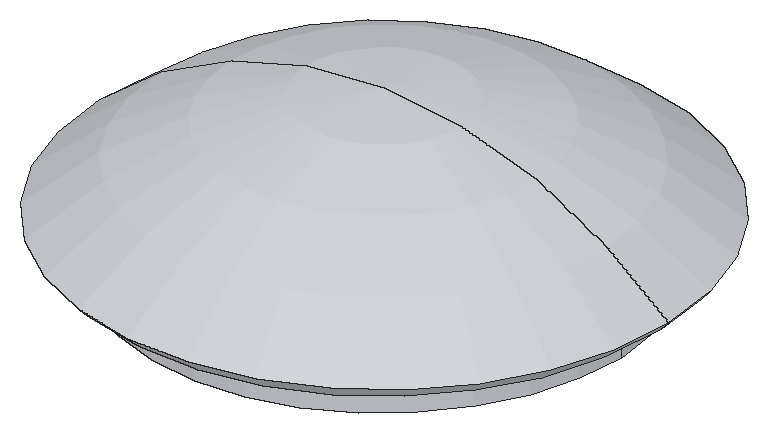
Revit family "0043428", category Lighting Fixtures, host Face, Revit 2017
Family settings
  Host = Face
  Round Connector Dimension = Use Diameter
  Part Type = Normal
  OmniClass Number = 23.80.70.00
  OmniClass Title = Lighting
  Cut with Voids When Loaded = No
  Light Source = Yes
  Shared = No
  Room Calculation Point = No
Parameters (values of type "0043428_3000K START eco Surface IP44 2050LM 830/840 DT")
  YIN_SENSOR_SYL = no
  YIN_360_SYL = yes
  YIN_330_SYL = no
  YIN_250_SYL = no
  YIN_180_SYL = no
  Weight = "3.12 kg"
  Wattage Comments = ""
  Wattage = 24 W
  WarrantyStartDate [instance] = "n/a"
  WarrantyGuarantorParts = "n/a"
  WarrantyDurationUnit = "n/a"
  WarrantyDurationParts = "n/a"
  WarrantyDescription = "n/a"
  built-in parameter 1150110 = 1 (stored number, unit not read)
  Voltage = 0 V
  URL = "http://www.sylvania-lighting.com"
  TypeName = "Start eco Surface IP44 2050lm 830/840 DualTone"
  Type Image = <None>
  Type Comments = "n/a"
  built-in parameter 1114217 = 1 (stored number, unit not read)
  Tilt Angle = -90.00°
  built-in parameter 1150109 = 1 (stored number, unit not read)
  built-in parameter 1150134 = (empty or 0)
  built-in parameter 1150113 = 1 (stored number, unit not read)
  SerialNumber [instance] = "n/a"
  SENSOR_SYL = 12 mm
  Photometric Web File = "0043428_3000K.ies"
  Material_3_SYL = none
  PowerFactor = 0
  PowerConsumption = "n/a"
  NominalLength = 360 mm
  NominalHeight = 100 mm
  NominalDepth = 360 mm
  Name = "Start eco Surface IP44 2050lm 830/840 DualTone"
  ModelReference = Name  # "Start eco Surface IP44 2050lm 830/840 DualTone"
  ModelNumber = "0043428"
  Model = Name  # "Start eco Surface IP44 2050lm 830/840 DualTone"
  Material = "steel housing, other diffuser"
  ManufacturerName = "Feilo Sylvania"
  Manufacturer = "Feilo Sylvania"
  LuminousEfficacy = "n/a"
  built-in parameter 1150105 = (empty or 0)
  Lumens = 0 lm
  LuminaireType = ""
  built-in parameter 1150115 = 1 (stored number, unit not read)
  LightOutputRatio = "n/a"
  built-in parameter 1150137 = (empty or 0)
  built-in parameter 1150139 = (empty or 0)
  LampsType = Lamp  # "LED"
  LampNominalLuminous = "2050 lm"
  LampMacAdamStep = "6"
  LampColourTemperature = "3000 K"
  LampColourRenderingIndex = "80"
  built-in parameter 1150112 = 1 (stored number, unit not read)
  built-in parameter 1150114 = 1 (stored number, unit not read)
  Lamp = "LED"
  LUM_R_SYL = if(YIN_180_SYL, 90 mm, if(YIN_250_SYL, 125 mm, if(YIN_330_SYL, 165 mm, if(YIN_360_SYL, 180 mm, 180 mm))))  # 180 mm
  LUM_R_HEIGHT_SYL = LUM_H_SYL - 30 mm  # 70 mm
  LUM_H_SYL = if(YIN_180_SYL, 75 mm, if(YIN_250_SYL, 80 mm, if(YIN_330_SYL, 96 mm, if(YIN_360_SYL, 100 mm, 100 mm))))  # 100 mm
  Keynote = "16500"
  InstallationDate [instance] = "n/a"
  InputVoltage = "n/a"
  InputNominalFrequency = "n/a"
  built-in parameter 1150132 = (empty or 0)
  built-in parameter 1150102 = (empty or 0)
  built-in parameter 1150107 = 3000 (stored number, unit not read)
  built-in parameter 1150138 = (empty or 0)
  IngressProtection = "IP44"
  ImpactProtectionIndex = "IK03"
  built-in parameter 1150106 = 1.0982 (stored number, unit not read)
  IfcExportType = "IfcLightFixtureType"
  IfcExportAs = "IfcLightFixtureType"
  Emit from Circle Diameter = 609.6 mm
  Emit Shape Visible in Rendering = no
  ElectricShockClassification = "Class I"
  built-in parameter 1150104 = (empty or 0)
  DocumentationLiterature = "http://www.sylvania-lighting.com/product/en-int/products/0043428"
  DimmingControlOptions = "n/a"
  Material_2_SYL = none
  Dimming Lamp Color Temperature Shift = <None>
  Description = ""
  Default Elevation = 1219.2 mm
  CreatedOn = "8/18/2020"
  CreatedBy = "@sylvania-lighting.com"
  Cost = 0
  Color Filter = 16777215
  built-in parameter 1114216 [instance] = (empty or 0)
  ClassificationValue = "EF_70_80"
  ClassificationName = "Uniclass2015"
  Material_1_SYL = none
  BarCode [instance] = "n/a"
  built-in parameter 1114218 = 1 (stored number, unit not read)
  BOTTOM_R_SYL = if(YIN_180_SYL, 76 mm, if(YIN_250_SYL, 110 mm, if(YIN_330_SYL, 150 mm, if(YIN_360_SYL, 150 mm, 150 mm))))  # 150 mm
  BOTTOM_HEIGHT_SYL = LUM_H_SYL - 15 mm  # 85 mm
  built-in parameter 1150133 = 10 (stored number, unit not read)
  AssetType = "Fixed"
  AssetIdentifier [instance] = "n/a"
  Assembly Code = "D5020200"
  Apparent Load = 0 VA
  Material_4_SYL = none
Types (16, lengths in mm): name | YIN_360_SYL | YIN_330_SYL | YIN_250_SYL | YIN_180_SYL | Weight | Wattage | TypeName | built-in parameter 1150134 | Photometric Web File | PowerFactor | PowerConsumption | NominalLength | NominalHeight | NominalDepth | Name | ModelReference | ModelNumber | Model | LuminousEfficacy | built-in parameter 1150105 | Lumens | LampNominalLuminous | LampColourTemperature | LUM_R_SYL | LUM_R_HEIGHT_SYL | LUM_H_SYL | built-in parameter 1150107 | built-in parameter 1150106 | built-in parameter 1150104 | DocumentationLiterature | BOTTOM_R_SYL | BOTTOM_HEIGHT_SYL | Apparent Load
  0043436_3000K START eco Surface IP44 2050LM MW 830/840 DT | yes | no | no | no | "3.42 kg" | 24 W | "Start eco Surface IP44 2050lm MW 830/840 DualTone" | (empty or 0) | "0043436_3000K.ies" | 0 | "n/a" | 360 | 100 | 360 | "Start eco Surface IP44 2050lm MW 830/840 DualTone" | "Start eco Surface IP44 2050lm MW 830/840 DualTone" | "0043436" | "Start eco Surface IP44 2050lm MW 830/840 DualTone" | "n/a" | (empty or 0) | 0 lm | "2050 lm" | "3000 K" | 180 | 70 | 100 | 3000 (stored number, unit not read) | 1.0982 (stored number, unit not read) | (empty or 0) | "http://www.sylvania-lighting.com/product/en-int/products/0043436" | 150 | 85 | 0 VA
  0043435_4000K START eco Surface IP44 1550LM MW 830/840 DT | no | yes | no | no | "3.42 kg" | 18 W | "Start eco Surface IP44 1550lm MW 830/840 DualTone" | 12 | "0043435_4000K.ies" | 0 | "n/a" | 330 | 96 | 330 | "Start eco Surface IP44 1550lm MW 830/840 DualTone" | "Start eco Surface IP44 1550lm MW 830/840 DualTone" | "0043435" | "Start eco Surface IP44 1550lm MW 830/840 DualTone" | "n/a" | (empty or 0) | 0 lm | "1550 lm" | "4000 K" | 165 | 66 | 96 | 4000 (stored number, unit not read) | 1.0982 (stored number, unit not read) | (empty or 0) | "http://www.sylvania-lighting.com/product/en-int/products/0043435" | 150 | 81 | 0 VA
  0043435_3000K START eco Surface IP44 1550LM MW 830/840 DT | no | yes | no | no | "3.42 kg" | 18 W | "Start eco Surface IP44 1550lm MW 830/840 DualTone" | (empty or 0) | "0043435_3000K.ies" | 0 | "n/a" | 330 | 96 | 330 | "Start eco Surface IP44 1550lm MW 830/840 DualTone" | "Start eco Surface IP44 1550lm MW 830/840 DualTone" | "0043435" | "Start eco Surface IP44 1550lm MW 830/840 DualTone" | "n/a" | (empty or 0) | 0 lm | "1550 lm" | "3000 K" | 165 | 66 | 96 | 3000 (stored number, unit not read) | 1.0982 (stored number, unit not read) | (empty or 0) | "http://www.sylvania-lighting.com/product/en-int/products/0043435" | 150 | 81 | 0 VA
  0043434_4000K START eco Surface IP44 2050LM DIM 30/840 DT | yes | no | no | no | "3.54 kg" | 24 W | "Start eco Surface IP44 2050lm DIM 830/840 DualTone" | 12 | "0043434_4000K.ies" | 0 | "n/a" | 360 | 100 | 360 | "Start eco Surface IP44 2050lm DIM 830/840 DualTone" | "Start eco Surface IP44 2050lm DIM 830/840 DualTone" | "0043434" | "Start eco Surface IP44 2050lm DIM 830/840 DualTone" | "n/a" | (empty or 0) | 0 lm | "2050 lm" | "4000 K" | 180 | 70 | 100 | 4000 (stored number, unit not read) | 1.0982 (stored number, unit not read) | (empty or 0) | "http://www.sylvania-lighting.com/product/en-int/products/0043434" | 150 | 85 | 0 VA
  0043434_3000K START eco Surface IP44 2050LM DIM 30/840 DT | yes | no | no | no | "3.54 kg" | 24 W | "Start eco Surface IP44 2050lm DIM 830/840 DualTone" | (empty or 0) | "0043434_3000K.ies" | 0 | "n/a" | 360 | 100 | 360 | "Start eco Surface IP44 2050lm DIM 830/840 DualTone" | "Start eco Surface IP44 2050lm DIM 830/840 DualTone" | "0043434" | "Start eco Surface IP44 2050lm DIM 830/840 DualTone" | "n/a" | (empty or 0) | 0 lm | "2050 lm" | "3000 K" | 180 | 70 | 100 | 3000 (stored number, unit not read) | 1.0982 (stored number, unit not read) | (empty or 0) | "http://www.sylvania-lighting.com/product/en-int/products/0043434" | 150 | 85 | 0 VA
  0043433_4000K START eco Surface IP44 1550LM DIM 830/840 DT | no | yes | no | no | "3.54 kg" | 18 W | "Start eco Surface IP44 1550lm DIM 830/840 DualTone" | 12 | "0043433_4000K.ies" | 0 | "n/a" | 330 | 96 | 330 | "Start eco Surface IP44 1550lm DIM 830/840 DualTone" | "Start eco Surface IP44 1550lm DIM 830/840 DualTone" | "0043433" | "Start eco Surface IP44 1550lm DIM 830/840 DualTone" | "n/a" | (empty or 0) | 0 lm | "1550 lm" | "4000 K" | 165 | 66 | 96 | 4000 (stored number, unit not read) | 1.0982 (stored number, unit not read) | (empty or 0) | "http://www.sylvania-lighting.com/product/en-int/products/0043433" | 150 | 81 | 0 VA
  0043433_3000K START eco Surface IP44 1550LM DIM 830/840 DT | no | yes | no | no | "3.54 kg" | 18 W | "Start eco Surface IP44 1550lm DIM 830/840 DualTone" | (empty or 0) | "0043433_3000K.ies" | 0 | "n/a" | 330 | 96 | 330 | "Start eco Surface IP44 1550lm DIM 830/840 DualTone" | "Start eco Surface IP44 1550lm DIM 830/840 DualTone" | "0043433" | "Start eco Surface IP44 1550lm DIM 830/840 DualTone" | "n/a" | (empty or 0) | 0 lm | "1550 lm" | "3000 K" | 165 | 66 | 96 | 3000 (stored number, unit not read) | 1.0982 (stored number, unit not read) | (empty or 0) | "http://www.sylvania-lighting.com/product/en-int/products/0043433" | 150 | 81 | 0 VA
  0043428_4000K START eco Surface IP44 2050LM 830/840 DT | yes | no | no | no | "3.12 kg" | 24 W | "Start eco Surface IP44 2050lm 830/840 DualTone" | 12 | "0043428_4000K.ies" | 0 | "n/a" | 360 | 100 | 360 | "Start eco Surface IP44 2050lm 830/840 DualTone" | "Start eco Surface IP44 2050lm 830/840 DualTone" | "0043428" | "Start eco Surface IP44 2050lm 830/840 DualTone" | "n/a" | (empty or 0) | 0 lm | "2050 lm" | "4000 K" | 180 | 70 | 100 | 4000 (stored number, unit not read) | 1.0982 (stored number, unit not read) | (empty or 0) | "http://www.sylvania-lighting.com/product/en-int/products/0043428" | 150 | 85 | 0 VA
  0043428_3000K START eco Surface IP44 2050LM 830/840 DT | yes | no | no | no | "3.12 kg" | 24 W | "Start eco Surface IP44 2050lm 830/840 DualTone" | (empty or 0) | "0043428_3000K.ies" | 0 | "n/a" | 360 | 100 | 360 | "Start eco Surface IP44 2050lm 830/840 DualTone" | "Start eco Surface IP44 2050lm 830/840 DualTone" | "0043428" | "Start eco Surface IP44 2050lm 830/840 DualTone" | "n/a" | (empty or 0) | 0 lm | "2050 lm" | "3000 K" | 180 | 70 | 100 | 3000 (stored number, unit not read) | 1.0982 (stored number, unit not read) | (empty or 0) | "http://www.sylvania-lighting.com/product/en-int/products/0043428" | 150 | 85 | 0 VA
  0043427_4000K START eco Surface IP44 1550LM 830/840 DT | no | yes | no | no | "3.12 kg" | 18 W | "Start eco Surface IP44 1550lm 830/840 DualTone" | 12 | "0043427_4000K.ies" | 0 | "n/a" | 330 | 96 | 330 | "Start eco Surface IP44 1550lm 830/840 DualTone" | "Start eco Surface IP44 1550lm 830/840 DualTone" | "0043427" | "Start eco Surface IP44 1550lm 830/840 DualTone" | "n/a" | (empty or 0) | 0 lm | "1550 lm" | "4000 K" | 165 | 66 | 96 | 4000 (stored number, unit not read) | 1.0982 (stored number, unit not read) | (empty or 0) | "http://www.sylvania-lighting.com/product/en-int/products/0043427" | 150 | 81 | 0 VA
  0043427_3000K START eco Surface IP44 1550LM 830/840 DT | no | yes | no | no | "3.12 kg" | 18 W | "Start eco Surface IP44 1550lm 830/840 DualTone" | (empty or 0) | "0043427_3000K.ies" | 0 | "n/a" | 330 | 96 | 330 | "Start eco Surface IP44 1550lm 830/840 DualTone" | "Start eco Surface IP44 1550lm 830/840 DualTone" | "0043427" | "Start eco Surface IP44 1550lm 830/840 DualTone" | "n/a" | (empty or 0) | 0 lm | "1550 lm" | "3000 K" | 165 | 66 | 96 | 3000 (stored number, unit not read) | 1.0982 (stored number, unit not read) | (empty or 0) | "http://www.sylvania-lighting.com/product/en-int/products/0043427" | 150 | 81 | 0 VA
  0043426_4000K START eco Surface IP44 1025LM 830/840 DT | no | no | yes | no | "1.5 kg" | 12 W | "Start eco Surface IP44 1025lm 830/840 DualTone" | 12 | "0043426_4000K.ies" | 0 | "n/a" | 250 | 80 | 250 | "Start eco Surface IP44 1025lm 830/840 DualTone" | "Start eco Surface IP44 1025lm 830/840 DualTone" | "0043426" | "Start eco Surface IP44 1025lm 830/840 DualTone" | "n/a" | (empty or 0) | 0 lm | "1025 lm" | "4000 K" | 125 | 50 | 80 | 4000 (stored number, unit not read) | 1.0982 (stored number, unit not read) | (empty or 0) | "http://www.sylvania-lighting.com/product/en-int/products/0043426" | 110 | 65 | 0 VA
  0043426_3000K START eco Surface IP44 1025LM 830/840 DT | no | no | yes | no | "1.5 kg" | 12 W | "Start eco Surface IP44 1025lm 830/840 DualTone" | (empty or 0) | "0043426_3000K.ies" | 0 | "n/a" | 250 | 80 | 250 | "Start eco Surface IP44 1025lm 830/840 DualTone" | "Start eco Surface IP44 1025lm 830/840 DualTone" | "0043426" | "Start eco Surface IP44 1025lm 830/840 DualTone" | "n/a" | (empty or 0) | 0 lm | "1025 lm" | "3000 K" | 125 | 50 | 80 | 3000 (stored number, unit not read) | 1.0982 (stored number, unit not read) | (empty or 0) | "http://www.sylvania-lighting.com/product/en-int/products/0043426" | 110 | 65 | 0 VA
  0043425_4000K START eco Surface IP44 520LM 830/840 DT | no | no | no | yes | "1.02 kg" | 6 W | "Start eco Surface IP44 520lm 830/840 DualTone" | 12 | "0043425_4000K.ies" | 0.8 | "6 W" | 180 | 75 | 180 | "Start eco Surface IP44 520lm 830/840 DualTone" | "Start eco Surface IP44 520lm 830/840 DualTone" | "0043425" | "Start eco Surface IP44 520lm 830/840 DualTone" | "85 lm/W" | 40.585 (stored number, unit not read) | 510 lm | "520 lm" | "4000 K" | 90 | 45 | 75 | 4000 (stored number, unit not read) | 0.40585 (stored number, unit not read) | 7.8968 (stored number, unit not read) | "http://www.sylvania-lighting.com/product/en-int/products/0043425" | 76 | 60 | 6 VA
  0043425_3000K START eco Surface IP44 520LM 830/840 DT | no | no | no | yes | "1.02 kg" | 6 W | "Start eco Surface IP44 520lm 830/840 DualTone" | (empty or 0) | "0043425_3000K.ies" | 0.8 | "6 W" | 180 | 75 | 180 | "Start eco Surface IP44 520lm 830/840 DualTone" | "Start eco Surface IP44 520lm 830/840 DualTone" | "0043425" | "Start eco Surface IP44 520lm 830/840 DualTone" | "85 lm/W" | 40.585 (stored number, unit not read) | 510 lm | "520 lm" | "3000 K" | 90 | 45 | 75 | 3000 (stored number, unit not read) | 0.40585 (stored number, unit not read) | 7.8968 (stored number, unit not read) | "http://www.sylvania-lighting.com/product/en-int/products/0043425" | 76 | 60 | 6 VA
  0043436_4000K START eco Surface IP44 2050LM MW 830/840 DT | yes | no | no | no | "3.42 kg" | 24 W | "Start eco Surface IP44 2050lm MW 830/840 DualTone" | 12 | "0043436_4000K.ies" | 0 | "n/a" | 360 | 100 | 360 | "Start eco Surface IP44 2050lm MW 830/840 DualTone" | "Start eco Surface IP44 2050lm MW 830/840 DualTone" | "0043436" | "Start eco Surface IP44 2050lm MW 830/840 DualTone" | "n/a" | (empty or 0) | 0 lm | "2050 lm" | "4000 K" | 180 | 70 | 100 | 4000 (stored number, unit not read) | 1.0982 (stored number, unit not read) | (empty or 0) | "http://www.sylvania-lighting.com/product/en-int/products/0043436" | 150 | 85 | 0 VA
Reference planes
  plane 1 "Center (Front/Back)": y = 0
  plane 2: z = 0
  plane 3 "Center (Left/Right)": x = 0
  plane 4: x = -150
  plane 5: x = -180
  plane 6: z = -100
  plane 7: z = -70
  plane 8: z = -85
  plane 9: z = 12
Forms (mm)
  Revolve 1, solid
    sketch origin (0, 0, 0) x (1, 0, 0) y (0, 0, 1)
      loop
        line (0, -100) -> (0, 0)
        arc (0, 0) -> (-96.445, -18.426) -> (-180, -70) r 271.082
        arc (-180, -70) -> (-166.746, -80.992) -> (-150, -85) r 37.967
        line (-150, -85) -> (-150, -100) -> (0, -100)
      axis (0, -100) -> (0, 0)
    angle from 360 to 0
Dimensions and locks
  "BOTTOM_R_SYL": plane 3 "Center (Left/Right)" to plane 4
  "LUM_R_SYL": plane 3 "Center (Left/Right)" to plane 5
  "BOTTOM_HEIGHT_SYL": host face to plane 8
  "LUM_R_HEIGHT_SYL": host face to plane 7
  "LUM_H_SYL": host face to plane 6
  "SENSOR_SYL": plane 9 to host face
  aligned and locked: plane 2 to host face
  aligned and locked: level to host face
  aligned and locked: Revolve 1 sketch curve to plane 6
  aligned and locked: plane 4 to Revolve 1 sketch curve
  aligned and locked: imposter light to Revolve 1 sketch curve
  aligned and locked: Revolve 1 sketch curve to imposter light
Automatic sketch dimensions
  host sketch curve to host sketch curve = 2438.4 mm  (x2)
  Revolve 1 sketch curve to plane 5 = 0 mm
  Revolve 1 sketch curve to plane 8 = 0 mm
  Revolve 1 sketch curve to plane 7 = 0 mm
  plane 4 to Revolve 1 sketch curve = 0.233 mm
  plane 3 "Center (Left/Right)" to Revolve 1 sketch curve = 1.807 mm
